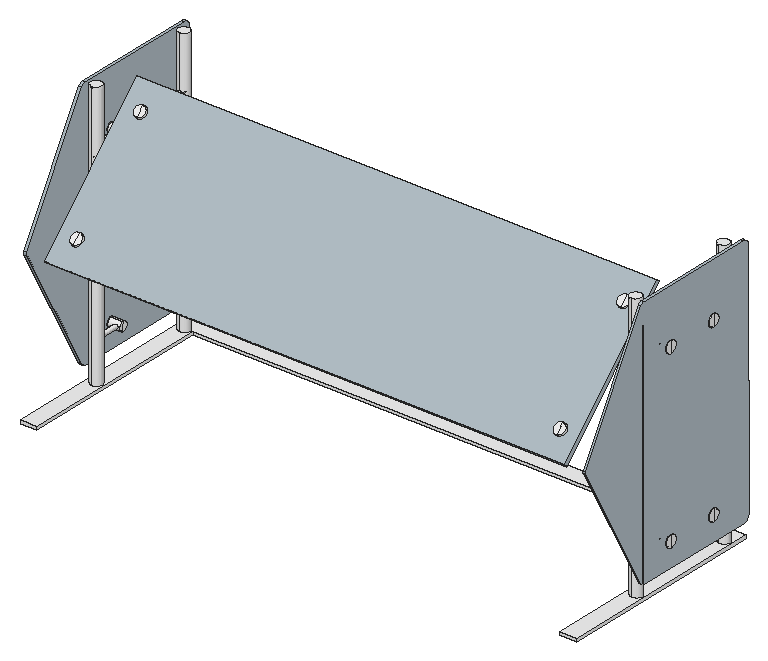
Revit family "QF_PMG_FM1R-A-P", category Specialty Equipment, Revit 2019 (continued)
Definition of nested family "FM1V-A-P_Front Bracket"
  Definition of nested family "Portable Adjustable Front Glass Mount_45"
    Forms (in)
      Revolve 4, solid, material <- "Frame Material"
        sketch origin (-2.49922, 2.06263, 7.47526) x (0, 0.92388, 0.382683) y (0, -0.382683, 0.92388)
          loop
            line (-1.25426, -5.10146) -> (-0.90781, -4.95795) -> (-1.33833, -3.91859) -> (-1.5693, -4.01426) -> (-1.68888, -3.72554) -> (-1.34243, -3.58204) -> (-1.39027, -3.46655) -> (-1.8522, -3.6579) -> (-1.25426, -5.10146)
          axis (-1.25426, -5.10146) -> (-1.8522, -3.6579)
        angle from 0 to 360
      Revolve 5, solid
        sketch origin (-2.49922, 2.06263, 7.47526) x (0, 0.92388, 0.382683) y (0, -0.382683, 0.92388)
          loop
            line (-1.80437, -3.77338) -> (-1.79241, -3.80225) -> (-1.44596, -3.65875) -> (-1.45791, -3.62987) -> (-1.80437, -3.77338)
          loop
            line (-1.69674, -4.03322) -> (-1.68478, -4.06209) -> (-1.33833, -3.91859) -> (-1.35028, -3.88972) -> (-1.69674, -4.03322)
          axis (-1.80437, -3.77338) -> (-1.68478, -4.06209)
        angle from 0 to 360
      Revolve 6, solid
        sketch origin (-2.49922, -5.00844, 0.40419) x (0, 0.92388, 0.382683) y (0, -0.382683, 0.92388)
          loop
            line (-1.80437, -3.77338) -> (-1.79241, -3.80225) -> (-1.44596, -3.65875) -> (-1.45791, -3.62987) -> (-1.80437, -3.77338)
          loop
            line (-1.69674, -4.03322) -> (-1.68478, -4.06209) -> (-1.33833, -3.91859) -> (-1.35028, -3.88972) -> (-1.69674, -4.03322)
          axis (-1.80437, -3.77338) -> (-1.68478, -4.06209)
        angle from 0 to 360
    Lines and regions (in)
      symbolic lines
        curve 1: line (0, 0, 0.375) -> (0, 0, -0.375)
        curve 2: line (0, -0.375, 0) -> (0, 0.375, 0)
        curve 3: line (0, 0, -0.375) -> (0, 0, 0.375)
        curve 4: line (-0.375, 0, 0) -> (0.375, 0, 0)
        curve 5: line (-3.34922, -0.46863, 0) -> (-3.34922, 0.46863, 0)
        curve 6: line (-3.34922, 0.46863, 0) -> (-3.31772, 0.50012, 0)
        curve 7: line (-3.31772, 0.50012, 0) -> (-3.04499, 0.50012, 0)
        curve 8: line (-3.04499, 0.50012, 0) -> (-3.01349, 0.46863, 0)
        curve 9: line (-3.01349, 0.46863, 0) -> (-2.982, 0.50012, 0)
        curve 10: line (-0.63, 0.375, 0) -> (-0.33072, 0.375, 0)
        curve 11: line (-3.01349, 0.46863, 0) -> (-3.01349, -0.46863, 0)
        curve 12: line (-3.04499, 0.50012, 0) -> (-3.04499, -0.50012, 0)
        curve 13: line (-3.31772, 0.50012, 0) -> (-3.31772, -0.50012, 0)
        curve 14: line (-2.982, 0.50012, 0) -> (-2.982, -0.50012, 0)
        curve 15: line (-3.34922, -0.46863, 0) -> (-3.31772, -0.50012, 0)
        curve 16: line (-3.31772, -0.50012, 0) -> (-3.04499, -0.50012, 0)
        curve 17: line (-3.04499, -0.50012, 0) -> (-3.01349, -0.46863, 0)
        curve 18: line (-3.01349, -0.46863, 0) -> (-2.982, -0.50012, 0)
        curve 19: line (-2.982, -0.50012, 0) -> (-0.63, -0.50012, 0)
        curve 20: line (-0.63, -0.50012, 0) -> (-0.63, 0.50012, 0)
        curve 21: line (-0.63, -0.375, 0) -> (-0.33072, -0.375, 0)
        curve 22: arc (-0.5, 0, 0) -> (-0.45572, -0.20572, 0) -> (-0.33072, -0.375, 0) r 0.5
        curve 23: line (0, 0.375, 0) -> (0, -0.375, 0)
        curve 24: line (0.375, 0, 0) -> (-0.375, 0, 0)
        curve 25: arc (-0.5, 0, 0) -> (-0.45572, 0.20572, 0) -> (-0.33072, 0.375, 0) r 0.5
        curve 26: spline (-2.99922, 1.83962, 0) -> (-2.98218, 1.93112, 0) -> (-2.93223, 2.01639, 0) -> (-2.85277, 2.08962, 0) -> (-2.74922, 2.1458, 0) -> (-2.62863, 2.18112, 0) -> (-2.49922, 2.19317, 0) -> (-2.36981, 2.18112, 0) -> (-2.24922, 2.1458, 0) -> (-2.14566, 2.08962, 0) -> (-2.0662, 2.01639, 0) -> (-2.01625, 1.93112, 0) -> (-1.99922, 1.83962, 0)
        curve 27: spline (-2.96639, 1.87721, 0) -> (-2.92154, 1.9405, 0) -> (-2.85976, 1.99619, 0) -> (-2.78352, 2.04206, 0) -> (-2.69589, 2.07628, 0) -> (-2.60037, 2.09747, 0) -> (-2.5008, 2.10478, 0) -> (-2.40117, 2.09792, 0) -> (-2.30547, 2.07716, 0) -> (-2.21753, 2.04333, 0) -> (-2.14088, 1.9978, 0) -> (-2.0786, 1.94238, 0) -> (-2.03318, 1.87931, 0)
        curve 28: spline (-2.03318, 1.87931, 0) -> (-1.99978, 1.76806, 0) -> (-2.01806, 1.65508, 0) -> (-2.08612, 1.55204, 0) -> (-2.19691, 1.46961, 0) -> (-2.33898, 1.41632, 0) -> (-2.49763, 1.39768, 0) -> (-2.65644, 1.41561, 0) -> (-2.79899, 1.46827, 0) -> (-2.91052, 1.5502, 0) -> (-2.9795, 1.65293, 0) -> (-2.99879, 1.76582, 0) -> (-2.96639, 1.87721, 0)
        curve 29: line (-2.99922, 1.83962, 0) -> (-2.99922, 1.75123, 0)
        curve 30: line (-1.99922, 1.83962, 0) -> (-1.99922, 1.75123, 0)
        curve 31: spline (-2.12448, 2.07368, 0) -> (-2.14111, 2.1397, 0) -> (-2.18064, 2.20066, 0) -> (-2.24055, 2.25266, 0) -> (-2.31699, 2.29238, 0) -> (-2.4051, 2.31727, 0) -> (-2.49922, 2.32575, 0) -> (-2.59334, 2.31727, 0) -> (-2.68144, 2.29238, 0) -> (-2.75789, 2.25266, 0) -> (-2.81779, 2.20066, 0) -> (-2.85733, 2.1397, 0) -> (-2.87396, 2.07368, 0)
        curve 32: spline (-2.12787, 2.07636, 0) -> (-2.15142, 2.13795, 0) -> (-2.19509, 2.19378, 0) -> (-2.25638, 2.24062, 0) -> (-2.33172, 2.27576, 0) -> (-2.41675, 2.29717, 0) -> (-2.50656, 2.3036, 0) -> (-2.59594, 2.29469, 0) -> (-2.67973, 2.27095, 0) -> (-2.75306, 2.23375, 0) -> (-2.81171, 2.18525, 0) -> (-2.85226, 2.12826, 0) -> (-2.87238, 2.06607, 0)
        curve 33: spline (-2.87238, 2.85608, 0) -> (-2.85966, 2.92471, 0) -> (-2.82239, 2.98866, 0) -> (-2.76308, 3.04358, 0) -> (-2.6858, 3.08572, 0) -> (-2.5958, 3.11221, 0) -> (-2.49922, 3.12125, 0) -> (-2.40264, 3.11221, 0) -> (-2.31264, 3.08572, 0) -> (-2.23535, 3.04358, 0) -> (-2.17605, 2.98866, 0) -> (-2.13877, 2.92471, 0) -> (-2.12606, 2.85608, 0)
        curve 34: line (-2.87238, 2.85608, 0) -> (-2.87238, 2.06607, 0)
        curve 35: line (-2.12606, 2.85608, 0) -> (-2.12606, 2.06607, 0)
        curve 36: spline (-2.99922, -5.23145, 0) -> (-2.98218, -5.13995, 0) -> (-2.93223, -5.05467, 0) -> (-2.85277, -4.98145, 0) -> (-2.74922, -4.92527, 0) -> (-2.62863, -4.88995, 0) -> (-2.49922, -4.8779, 0) -> (-2.36981, -4.88995, 0) -> (-2.24922, -4.92527, 0) -> (-2.14566, -4.98145, 0) -> (-2.0662, -5.05467, 0) -> (-2.01625, -5.13995, 0) -> (-1.99922, -5.23145, 0)
        curve 37: spline (-2.96639, -5.19385, 0) -> (-2.92154, -5.13057, 0) -> (-2.85976, -5.07488, 0) -> (-2.78352, -5.029, 0) -> (-2.69589, -4.99479, 0) -> (-2.60037, -4.9736, 0) -> (-2.5008, -4.96629, 0) -> (-2.40117, -4.97315, 0) -> (-2.30547, -4.99391, 0) -> (-2.21753, -5.02773, 0) -> (-2.14088, -5.07327, 0) -> (-2.0786, -5.12868, 0) -> (-2.03318, -5.19176, 0)
        curve 38: spline (-2.03318, -5.19176, 0) -> (-1.99978, -5.303, 0) -> (-2.01806, -5.41599, 0) -> (-2.08612, -5.51902, 0) -> (-2.19691, -5.60145, 0) -> (-2.33898, -5.65475, 0) -> (-2.49763, -5.67339, 0) -> (-2.65644, -5.65546, 0) -> (-2.79899, -5.6028, 0) -> (-2.91052, -5.52087, 0) -> (-2.9795, -5.41814, 0) -> (-2.99879, -5.30524, 0) -> (-2.96639, -5.19385, 0)
        curve 39: line (-2.99922, -5.23145, 0) -> (-2.99922, -5.31984, 0)
        curve 40: line (-1.99922, -5.23145, 0) -> (-1.99922, -5.31984, 0)
        curve 41: spline (-2.12448, -4.99739, 0) -> (-2.14111, -4.93137, 0) -> (-2.18064, -4.87041, 0) -> (-2.24055, -4.81841, 0) -> (-2.31699, -4.77869, 0) -> (-2.4051, -4.75379, 0) -> (-2.49922, -4.74532, 0) -> (-2.59334, -4.75379, 0) -> (-2.68144, -4.77869, 0) -> (-2.75789, -4.81841, 0) -> (-2.81779, -4.87041, 0) -> (-2.85733, -4.93137, 0) -> (-2.87396, -4.99739, 0)
        curve 42: spline (-2.12787, -4.9947, 0) -> (-2.15142, -4.93312, 0) -> (-2.19509, -4.87729, 0) -> (-2.25638, -4.83044, 0) -> (-2.33172, -4.7953, 0) -> (-2.41675, -4.7739, 0) -> (-2.50656, -4.76746, 0) -> (-2.59594, -4.77638, 0) -> (-2.67973, -4.80012, 0) -> (-2.75306, -4.83732, 0) -> (-2.81171, -4.88582, 0) -> (-2.85226, -4.94281, 0) -> (-2.87238, -5.005, 0)
        curve 43: spline (-2.87238, -4.21499, 0) -> (-2.87096, -4.19191, 0) -> (-2.86673, -4.169, 0) -> (-2.8597, -4.14644, 0) -> (-2.84993, -4.12441, 0) -> (-2.83751, -4.10306, 0) -> (-2.82251, -4.08256, 0) -> (-2.80507, -4.06307, 0) -> (-2.7853, -4.04473, 0) -> (-2.76336, -4.02768, 0) -> (-2.73941, -4.01205, 0) -> (-2.71364, -3.99797, 0) -> (-2.68625, -3.98553, 0)
        curve 44: line (-2.87238, -4.21499, 0) -> (-2.87238, -5.005, 0)
        curve 45: line (-2.12606, -4.21499, 0) -> (-2.12606, -5.005, 0)
        curve 46: line (-2.68625, -4.50196, 0) -> (-2.68625, -0.50012, 0)
        curve 47: line (-2.31219, -4.50196, 0) -> (-2.31219, -0.50012, 0)
        curve 48: spline (-2.31219, -3.98553, 0) -> (-2.28479, -3.99797, 0) -> (-2.25902, -4.01205, 0) -> (-2.23508, -4.02768, 0) -> (-2.21314, -4.04473, 0) -> (-2.19337, -4.06307, 0) -> (-2.17592, -4.08256, 0) -> (-2.16093, -4.10306, 0) -> (-2.1485, -4.12441, 0) -> (-2.13874, -4.14644, 0) -> (-2.13171, -4.169, 0) -> (-2.12747, -4.19191, 0) -> (-2.12606, -4.21499, 0)
        curve 49: spline (-2.31219, -4.50196, 0) -> (-2.31856, -4.53627, 0) -> (-2.33725, -4.56825, 0) -> (-2.36697, -4.59571, 0) -> (-2.4057, -4.61678, 0) -> (-2.45081, -4.63002, 0) -> (-2.49922, -4.63454, 0) -> (-2.54762, -4.63002, 0) -> (-2.59273, -4.61678, 0) -> (-2.63147, -4.59571, 0) -> (-2.66119, -4.56825, 0) -> (-2.67987, -4.53627, 0) -> (-2.68625, -4.50196, 0)
        curve 50: line (-2.982, 0.50012, 0) -> (-0.63, 0.50012, 0)
        curve 51: line (-2.68625, 0.50012, 0) -> (-2.68625, 1.42334, 0)
        curve 52: line (-2.31219, 0.50012, 0) -> (-2.31219, 1.42334, 0)
    Dimensions and locks (in)
      "Glass Thickness": plane 10 to plane 9
      plane 12 to plane 11 to plane 10 = 0' - 0 1/8" locked, 0' - 0 1/32" locked
      plane 9 to plane 8 to plane 5 to plane 6 to plane 7 = 0' - 0 1/32" locked, 0' - 0.71916" locked, 0' - 0 3/16" locked, 0' - 0.21834" locked
      plane 13 to Revolve 3 sketch curve to Revolve 3 sketch curve to Revolve 3 sketch curve = 0' - 0 1/8" locked, 0' - 0 1/4" locked, 0' - 0 1/8" locked
      plane 14 to Revolve 4 sketch curve to Revolve 4 sketch curve to Revolve 4 sketch curve = 0' - 0 1/8" locked, 0' - 0 1/4" locked, 0' - 0 1/8" locked
      plane 14 to Revolve 5 sketch curve to Revolve 5 sketch curve = 0' - 0 3/8" locked, 0' - 0" locked
      locked: plane 13 to plane 14 at 10
      plane 13 to Revolve 6 sketch curve to Revolve 6 sketch curve = 0' - 0 3/8" locked, 0' - 0" locked
      locked: plane 2 "REF. LAYER" to plane 7 (angle 45.00°)
      locked: plane 7 to plane 2 "REF. LAYER" (angle 135.00°)
      aligned and locked: level to plane 2 "REF. LAYER"
      aligned and locked: plane 6 to Revolve 2 sketch curve
      aligned and locked: Revolve 2 sketch curve to plane 5
      aligned and locked: Revolve 3 sketch curve to plane 7
      aligned and locked: plane 8 to Revolve 3 sketch curve
      aligned and locked: plane 11 to Revolve 3 sketch curve
      aligned and locked: Revolve 3 sketch curve to plane 12
      aligned and locked: Revolve 4 sketch curve to plane 7
      aligned and locked: plane 8 to Revolve 4 sketch curve
      aligned and locked: plane 11 to Revolve 4 sketch curve
      aligned and locked: Revolve 4 sketch curve to plane 12
      aligned and locked: Revolve 5 sketch curve to plane 8
      aligned and locked: plane 9 to Revolve 5 sketch curve
      aligned and locked: plane 10 to Revolve 5 sketch curve
      aligned and locked: Revolve 5 sketch curve to plane 11
      aligned and locked: plane 14 to Revolve 2 sketch curve
      aligned and locked: Revolve 2 sketch curve to plane 13
      aligned and locked: Revolve 3 sketch curve to plane 13
      aligned and locked: plane 13 to Revolve 6 sketch curve  (x2)
      aligned and locked: Revolve 6 sketch curve to plane 11
      aligned and locked: plane 10 to Revolve 6 sketch curve
      aligned and locked: plane 9 to Revolve 6 sketch curve
      aligned and locked: Revolve 6 sketch curve to plane 8
      aligned and locked: Revolve 6 sketch curve to plane 13
    Automatic sketch dimensions
      curve 2 to level = 0' - 0"
      curve 1 to plane 1 "BACK" = 0' - 0"
      plane 1 "BACK" to curve 2 = 0' - 0 3/8"
      curve 2 to plane 1 "BACK" = 0' - 0 3/8"
      curve 1 to level = 0' - 0 3/8"
      level to curve 1 = 0' - 0 3/8"
      curve 4 to level = 0' - 0"
      curve 3 to plane 3 "LEFT" = 0' - 0"
      curve 4 to plane 3 "LEFT" = 0' - 0 3/8"
      plane 3 "LEFT" to curve 4 = 0' - 0 3/8"
      curve 3 to level = 0' - 0 3/8"
      level to curve 3 = 0' - 0 3/8"
      Revolve 1 sketch curve to level = 0' - 0"  (x2)
      Revolve 1 sketch curve to plane 3 "LEFT" = 0' - 0"
      Revolve 1 sketch curve to Revolve 1 sketch curve = 0' - 0.63"
      Revolve 1 sketch curve to plane 4 "Center F/N" = 0' - 0.48278"
      Revolve 1 sketch curve to Revolve 1 sketch curve = 0' - 0.03149"  (x4)
      Revolve 1 sketch curve to Revolve 1 sketch curve = 0' - 0.27273"
      Revolve 1 sketch curve to level = 0' - 0 3/8"
      Revolve 1 sketch curve to level = 0' - 0.46863"
      Revolve 1 sketch curve to Revolve 1 sketch curve = 0' - 0"
      Revolve 1 sketch curve to Revolve 1 sketch curve = 0' - 0.28995"
      plane 3 "LEFT" to Revolve 1 sketch curve = 0' - 0.23069"
      Revolve 2 sketch curve to plane 5 = 0' - 0"  (x2)
      Revolve 2 sketch curve to Revolve 2 sketch curve = 0' - 2.19335"
      Revolve 2 sketch curve to Revolve 2 sketch curve = 0' - 0.34559"
      plane 13 to Revolve 3 sketch curve = 0' - 0"  (x2)
      Revolve 3 sketch curve to Revolve 3 sketch curve = 0' - 0.31654"
      Revolve 3 sketch curve to Revolve 3 sketch curve = 0' - 0.1379"
      plane 14 to Revolve 4 sketch curve = 0' - 0"  (x3)
      Revolve 4 sketch curve to Revolve 4 sketch curve = 0' - 0.2687"
      Revolve 4 sketch curve to Revolve 4 sketch curve = 0' - 0.1379"
      plane 14 to Revolve 5 sketch curve = 0' - 0"  (x4)
      Revolve 5 sketch curve to Revolve 5 sketch curve = 0' - 0.23472"
      Revolve 5 sketch curve to Revolve 5 sketch curve = 0' - 0 69/128"
      Revolve 6 sketch curve to Revolve 6 sketch curve = 0' - 0.23472"
      Revolve 6 sketch curve to Revolve 6 sketch curve = 0' - 0 69/128"
      curve 22 to curve 25 = 0' - 0"
      curve 28 to plane 4 "Center F/N" = 0' - 0"
      curve 49 to plane 4 "Center F/N" = 0' - 0"
      curve 42 to plane 4 "Center F/N" = 0' - 0"
      curve 38 to plane 4 "Center F/N" = 0' - 0"
      curve 48 to plane 4 "Center F/N" = 0' - 0"
      curve 31 to plane 4 "Center F/N" = 0' - 0"
      curve 43 to plane 4 "Center F/N" = 0' - 0"
      curve 32 to plane 4 "Center F/N" = 0' - 0"
      curve 27 to plane 4 "Center F/N" = 0' - 0"
      curve 33 to plane 4 "Center F/N" = 0' - 0"
      curve 41 to plane 4 "Center F/N" = 0' - 0"
      curve 37 to plane 4 "Center F/N" = 0' - 0"
      plane 1 "BACK" to curve 25 = 0' - 0"
      plane 1 "BACK" to curve 24 = 0' - 0"
      curve 22 to plane 3 "LEFT" = 0' - 0"
      curve 23 to plane 3 "LEFT" = 0' - 0"
      curve 46 to plane 4 "Center F/N" = 0' - 0.18703"
      curve 34 to curve 33 = 0' - 0.37316"
      curve 44 to curve 43 = 0' - 0.18613"
      curve 14 to plane 4 "Center F/N" = 0' - 0.48278"
      curve 39 to curve 42 = 0' - 0.12684"
      curve 29 to curve 32 = 0' - 0.12684"
      curve 11 to curve 14 = 0' - 0.03149"
      curve 12 to curve 11 = 0' - 0.03149"
      curve 13 to curve 7 = 0' - 0.27273"
      curve 15 to curve 13 = 0' - 0.03149"
      curve 48 to curve 45 = 0' - 0.18613"
      curve 20 to plane 3 "LEFT" = 0' - 0.63"
      curve 21 to curve 21 = 0' - 0.29928"
      curve 10 to curve 10 = 0' - 0.29928"
      plane 1 "BACK" to curve 21 = 0' - 0 3/8"
      plane 1 "BACK" to curve 5 = 0' - 0.46863"
      curve 5 to curve 18 = 0' - 0"
      curve 18 to curve 11 = 0' - 0.03149"
      curve 44 to curve 14 = 0' - 3 183/256"
      curve 43 to curve 45 = 0' - 0"
      curve 46 to curve 44 = 0' - 0.28697"
      curve 44 to curve 49 = 0' - 0.50305"
      curve 40 to curve 47 = 0' - 0.7295"
      curve 5 to plane 1 "BACK" = 0' - 0.46863"
      curve 5 to curve 9 = 0' - 0"
      curve 8 to curve 12 = 0' - 0.03149"
      curve 26 to curve 34 = 0' - 0.22645"
      curve 34 to curve 34 = 0' - 0.79002"
      curve 51 to plane 4 "Center F/N" = 0' - 0.18703"
      curve 41 to curve 42 = 0' - 0.00158"
      curve 31 to curve 34 = 0' - 0.00158"
      curve 36 to curve 37 = 0' - 0.03282"
      curve 26 to curve 28 = 0' - 0.03282"
      curve 42 to curve 41 = 0' - 0.00339"
      curve 32 to curve 31 = 0' - 0.00339"
      curve 28 to curve 30 = 0' - 0.03396"
      curve 38 to curve 40 = 0' - 0.03396"
      curve 25 to curve 24 = 0' - 0 1/8"
      plane 3 "LEFT" to curve 24 = 0' - 0 3/8"
      curve 21 to curve 23 = 0' - 0"
      curve 43 to curve 43 = 0' - 0.22946"
      curve 48 to curve 48 = 0' - 0.22946"
      curve 49 to curve 49 = 0' - 0.13258"
      curve 41 to curve 49 = 0' - 0.11078"
      curve 42 to curve 41 = 0' - 0.0221"  (x2)
      curve 40 to curve 42 = 0' - 0.23675"
      curve 45 to curve 41 = 0' - 0.00761"
      curve 40 to curve 37 = 0' - 0.03969"
      curve 36 to curve 37 = 0' - 0.0376"
      curve 39 to curve 39 = 0' - 0.08839"
      curve 40 to curve 36 = 0' - 0.08839"
      curve 37 to curve 38 = 0' - 0"
      curve 10 to curve 23 = 0' - 0"
      curve 52 to curve 27 = 0' - 0.89755"
      curve 28 to curve 27 = 0' - 0"
      curve 27 to curve 52 = 0' - 0.02567"
      curve 27 to curve 51 = 0' - 0.02567"
      curve 27 to curve 26 = 0' - 0.08839"  (x2)
      curve 29 to curve 29 = 0' - 0.08839"
      curve 30 to curve 26 = 0' - 0.08839"
      curve 26 to curve 32 = 0' - 0.19887"
      curve 32 to curve 31 = 0' - 0.0221"  (x2)
      curve 35 to curve 31 = 0' - 0.00761"
      curve 31 to curve 33 = 0' - 0.26517"
Types (4): name | Width | Frame Material
  (no name) | 4' - 0" | QF_Stainless-Brushed-Satin
  Brushed Stainless Steel #4 | 4' - 0" | QF_Stainless-Brushed-Satin
  Polished Stainless Steel #8 | 5' - 0" | QF_Stainless-Polished
  Flat Black 049/80350 | 5' - 0" | QF_Steel-Paint Finish-Flat Black
